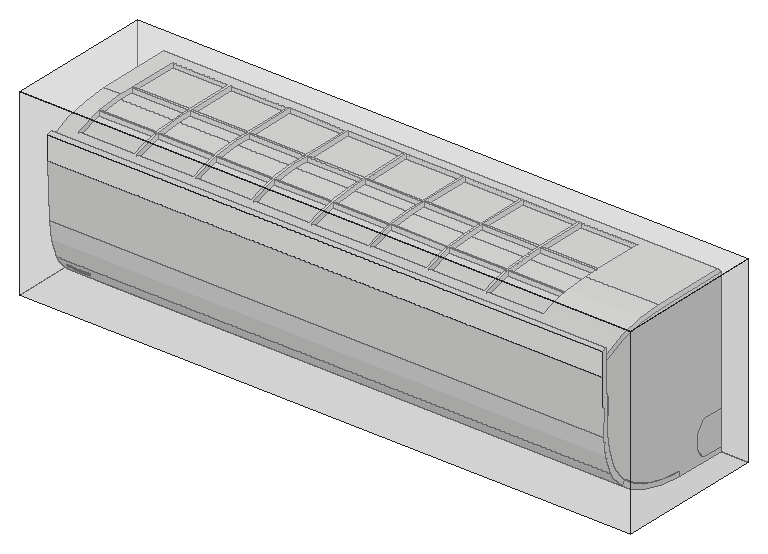
Revit family "outputfile", category 機械設備, Revit 2024
Family settings
  丸型コネクタ寸法 = 半径を使用
  パーツ タイプ = 標準
  OmniClass 番号 = 23.75.10.24.21.27.27
  OmniClass タイトル = Split System Air Conditioning Units
  作業面ベース = いいえ
  常に垂直 = はい
  ロード時にボイドで切り取り = いいえ
  注釈の向きを維持 = いいえ
  共有 = いいえ
  部屋計算ポイント = いいえ
Parameters (values of type "CTKM60RVM4")
  Description = ""
  書き出し IFC クラス(タイプ) = "IfcUnitaryEquipmentType"
  定義済み IFC タイプ(タイプ) = "AIRCONDITIONINGUNIT"
  Cost = 0
  Type Comments = ""
  Keynote = ""
  Type Image = (empty or 0)
  Assembly Code = ""
  w_wall hole = if(Width = 770.0 mm, 48.0 mm, 60.0 mm)  # 60.0 mm
  製造元 = "Daikin"
  モデル = "CTKM60RVM4"
  switch_frequency = yes
  r_Liquid Pipe Size = Liquid Pipe Size / 2  # 3.2 mm
  r_Gas Pipe Size = Gas Pipe Size / 2  # 6.35 mm
  r_Drain Pipe Size = Drain Pipe Size / 2  # 8.0 mm
  lw_powersupply [instance] = if(Width = 770.0 mm, if(or(Rear Right Connection_refrigerant, Bottom Right Connection_refrigerant), 25.0 mm, if(or(Rear Left Connection_refrigerant, Bottom Left Connection_refrigerant), 745.0 mm, 400.0 mm)), if(Width = 990.0 mm, if(or(Rear Right Connection_refrigerant, Bottom Right Connection_refrigerant), 40.0 mm, if(or(Rear Left Connection_refrigerant, Bottom Left Connection_refrigerant), 920.0 mm, 400.0 mm)), if(or(Rear Right Connection_refrigerant, Bottom Right Connection_refrigerant), 40.0 mm, if(or(Rear Left Connection_refrigerant, Bottom Left Connection_refrigerant), 920.0 mm, 400.0 mm))))  # 400.0 mm
  lw_liquidpipe [instance] = if(Width = 770.0 mm, if(or(Rear Right Connection_refrigerant, Bottom Right Connection_refrigerant), 0.0 mm, if(or(Rear Left Connection_refrigerant, Bottom Left Connection_refrigerant), 664.0 mm, 385.0 mm)), if(Width = 990.0 mm, if(or(Rear Right Connection_refrigerant, Bottom Right Connection_refrigerant), 0.0 mm, if(or(Rear Left Connection_refrigerant, Bottom Left Connection_refrigerant), 664.0 mm + (990.0 mm - 770.0 mm), 475.0 mm)), if(or(Rear Right Connection_refrigerant, Bottom Right Connection_refrigerant), 0.0 mm, if(or(Rear Left Connection_refrigerant, Bottom Left Connection_refrigerant), 664.0 mm + (990.0 mm - 770.0 mm), 475.0 mm))))  # 475.0 mm
  lw_gaspipe [instance] = if(Width = 770.0 mm, if(or(Rear Right Connection_refrigerant, Bottom Right Connection_refrigerant), 0.0 mm, if(or(Rear Left Connection_refrigerant, Bottom Left Connection_refrigerant), 675.0 mm, if(Gas Pipe Size = 12.7 mm, 335.0 mm, 335.0 mm))), if(Width = 990.0 mm, if(or(Rear Right Connection_refrigerant, Bottom Right Connection_refrigerant), 10.0 mm, if(or(Rear Left Connection_refrigerant, Bottom Left Connection_refrigerant), 890.0 mm, if(Gas Pipe Size = 15.9 mm, 400.0 mm, 400.0 mm))), if(or(Rear Right Connection_refrigerant, Bottom Right Connection_refrigerant), 10.0 mm, if(or(Rear Left Connection_refrigerant, Bottom Left Connection_refrigerant), 890.0 mm, if(Gas Pipe Size = 15.9 mm, 400.0 mm, 400.0 mm)))))  # 400.0 mm
  lw_drainpipe [instance] = if(Width = 770.0 mm, if(or(Rear Right Connection_refrigerant, Bottom Right Connection_refrigerant), 0.0 mm, if(or(Rear Left Connection_refrigerant, Bottom Left Connection_refrigerant), 770.0 mm - 48.0 mm - 48.0 mm, 440.0 mm)), if(Width = 990.0 mm, if(or(Rear Right Connection_refrigerant, Bottom Right Connection_refrigerant), 0.0 mm, if(or(Rear Left Connection_refrigerant, Bottom Left Connection_refrigerant), 675.0 mm + (990.0 mm - 770.0 mm), 435.0 mm)), if(or(Rear Right Connection_refrigerant, Bottom Right Connection_refrigerant), 0.0 mm, if(or(Rear Left Connection_refrigerant, Bottom Left Connection_refrigerant), 675.0 mm + (990.0 mm - 770.0 mm), 435.0 mm))))  # 435.0 mm
  l_powersupply_length [instance] = if(Width = 770.0 mm, if(Right Connection_refrigerant, 400.0 mm, if(Left Connection_refrigerant, 770.0 mm - 400.0 mm, if(or(Rear Left Connection_refrigerant, Rear Right Connection_refrigerant), 15.0 mm, 50.0 mm))), if(Width = 990.0 mm, if(Right Connection_refrigerant, 400.0 mm, if(Left Connection_refrigerant, 990.0 mm - 400.0 mm, if(or(Rear Left Connection_refrigerant, Rear Right Connection_refrigerant), 15.0 mm, 50.0 mm))), if(Right Connection_refrigerant, 400.0 mm, if(Left Connection_refrigerant, 990.0 mm - 400.0 mm, if(or(Rear Left Connection_refrigerant, Rear Right Connection_refrigerant), 15.0 mm, 50.0 mm)))))  # 400.0 mm
  l_liquidpipe_length [instance] = if(Width = 770.0 mm, if(Right Connection_refrigerant, 433.0 mm, if(Left Connection_refrigerant, 337.0 mm, if(or(Rear Left Connection_refrigerant, Rear Right Connection_refrigerant), 30.0 mm, 40.0 mm))), if(Width = 990.0 mm, if(Right Connection_refrigerant, 535.0 mm, if(Left Connection_refrigerant, 455.0 mm, if(or(Rear Left Connection_refrigerant, Rear Right Connection_refrigerant), 30.0 mm, 40.0 mm))), if(Right Connection_refrigerant, 535.0 mm, if(Left Connection_refrigerant, 455.0 mm, if(or(Rear Left Connection_refrigerant, Rear Right Connection_refrigerant), 30.0 mm, 40.0 mm)))))  # 535.0 mm
  l_gaspipe_length [instance] = if(Width = 770.0 mm, if(Right Connection_refrigerant, if(Gas Pipe Size = 12.7 mm, 383.0 mm, 383.0 mm), if(Left Connection_refrigerant, if(Gas Pipe Size = 12.7 mm, 770.0 mm - 383.0 mm, 770.0 mm - 383.0 mm), if(or(Rear Left Connection_refrigerant, Rear Right Connection_refrigerant), 40.0 mm, 50.0 mm))), if(Width = 990.0 mm, if(Right Connection_refrigerant, if(Gas Pipe Size = 15.9 mm, 460.0 mm, 460.0 mm), if(Left Connection_refrigerant, if(Gas Pipe Size = 15.9 mm, 990.0 mm - 460.0 mm, 990.0 mm - 460.0 mm), if(or(Rear Left Connection_refrigerant, Rear Right Connection_refrigerant), 40.0 mm, 50.0 mm))), if(Right Connection_refrigerant, if(Gas Pipe Size = 15.9 mm, 460.0 mm, 460.0 mm), if(Left Connection_refrigerant, if(Gas Pipe Size = 15.9 mm, 990.0 mm - 460.0 mm, 990.0 mm - 460.0 mm), if(or(Rear Left Connection_refrigerant, Rear Right Connection_refrigerant), 40.0 mm, 50.0 mm)))))  # 460.0 mm
  l_drainpipe_length [instance] = if(Width = 770.0 mm, if(Right Connection_refrigerant, 488.0 mm, if(Left Connection_refrigerant, 282.0 mm, if(or(Rear Left Connection_refrigerant, Rear Right Connection_refrigerant), 15.0 mm, 20.0 mm))), if(Width = 990.0 mm, if(Right Connection_refrigerant, 495.0 mm, if(Left Connection_refrigerant, 495.0 mm, if(or(Rear Left Connection_refrigerant, Rear Right Connection_refrigerant), 15.0 mm, 20.0 mm))), if(Right Connection_refrigerant, 495.0 mm, if(Left Connection_refrigerant, 495.0 mm, if(or(Rear Left Connection_refrigerant, Rear Right Connection_refrigerant), 15.0 mm, 20.0 mm)))))  # 495.0 mm
  h*** = 0.0 mm  # constant formula
  connector_voltage = Voltage_50Hz  # 230 V
  connector_powerinput = [Power Input (Cooling)]  # 0.000 kW
  connector_phase = Phase_50Hz  # 1
  angle_vertical [instance] = if(or(Bottom Left Connection_refrigerant, Bottom Right Connection_refrigerant), 0.00°, 90.00°)  # 90.00°
  angle_horizontal [instance] = if(Right Connection_refrigerant, 90.00°, if(Left Connection_refrigerant, -90.00°, if(or(Rear Left Connection_refrigerant, Rear Right Connection_refrigerant), 180.00°, 0.00°)))  # 90.00°
  Width = 990.0 mm
  Voltage_comment_50Hz = "220 - 240"
  Voltage_50Hz = 230 V
  Version = "ver.1.0"
  Unit Type = "Wall Mounted"
  Unit Mass Weight = 13.00 kg
  Unit Designation [instance] = ""
  Uniclass2015Version = "Products v1.30"
  Uniclass2015Title = "Split coil room air conditioning units"
  Uniclass2015Code = "Pr_70_65_03_86"
  URL = ""
  Total Cooling Capacity [instance] = 0.000 kW
  Sound Pressure Level_M speed (dBA) = 42
  Sound Pressure Level_L speed (dBA) = 36
  Sound Pressure Level_H speed (dBA) = 48
  Sound Power Level_H speed (dB) = 0
  Series = "Multi Split_Fan Coil Unit"
  Sensible Cooling Capacity [instance] = 0.000 kW
  Refrigerant Type = "R32"
  Power Input (Cooling) = 0.000 kW
  Phase_50Hz = 1
  Option Accessory 3 [instance] = ""
  Option Accessory 2 [instance] = ""
  Option Accessory 1 [instance] = ""
  Nominal Cooling Capacity = 6.000 kW
  Minimum Circuit Amps_50Hz = 0.0 A
  Minimum Airflow = 762.00 m³/h
  Median Airflow = 948.00 m³/h
  Maximum Fuse Amps_50Hz = 0.0 A
  Maximum Airflow = 1170.00 m³/h
  Material_Casing = DAIKIN_White_Casing_indoorunit
  Load Classification = HVAC
  Liquid Pipe Size = 6.4 mm
  Link_Nested Family [instance] = ""
  IfcVersion = ""
  IfcExportType = "AIRCONDITIONINGUNIT"
  IfcExportAs = "IfcUnitaryEquipmentType"
  Height = 295.0 mm
  Heat Exchanger Type = "Cross Fin Coil"
  Gas Pipe Size = 12.7 mm
  Frequency_50Hz = 50 Hz
  Fan Type = "Cross Flow Fan"
  Fan Drive = "Direct Drive"
  FCU Tag No. [instance] = ""
  Drain Pipe Size = 16.0 mm
  Design Supply Airflow [instance] = 0.00 m³/h
  Depth = 263.0 mm
  既定の高さ = 0.0 mm
  Cooling Entering Wet Bulb Temperature [instance] = 0.00 °C
  Cooling Entering Dry Bulb Temperature [instance] = 0.00 °C
  Cooling Ambient Wet Bulb Temperature [instance] = 0.00 °C
  Cooling Ambient Dry Bulb Temperature [instance] = 0.00 °C
  Clearance visibility [instance] = yes
  Clearance Top = 30.0 mm
  Clearance Right = 50.0 mm
  Clearance Rear = 0.0 mm
  Clearance Left = 50.0 mm
  Clearance Front = 0.0 mm
  Clearance Bottom = 0.0 mm
  Bottom Right Connection_refrigerant [instance] = no
  Bottom Left Connection_refrigerant [instance] = no
  Rear Right Connection_refrigerant [instance] = no
  Rear Left Connection_refrigerant [instance] = no
  Right Connection_refrigerant [instance] = yes
  Left Connection_refrigerant [instance] = no
Reference planes
  plane 1 "Back": y = 0
  plane 2: z = 0
  plane 3 "Center (Left/Right)": x = 0
  plane 4 "Center (Front/Back)": y = -131.5
  plane 5 "Front": y = -263
  plane 6 "Left": x = -495
  plane 7 "Right": x = 495
  plane 8 "Top": z = 0
  plane 9 "Bottom": z = -295
  plane 10: x = -545
  plane 11: x = 545
  plane 12: y = 0
  plane 13: y = -263
  plane 14: z = 30
  plane 15: z = -295
  plane 16 "lw_Piping and Wiring intake": x = 435
  plane 17 "lw_gaspipe": x = 35
  plane 18 "lw_liquidpipe": x = -40
  plane 19 "lw_drainpipe": x = 0
  plane 20 "lh_drainpipe": z = -275
  plane 21 "lh_liquidpipe": z = -255
  plane 22 "lh_gaspipe": z = -245
  plane 23 "ld_drainpipe": y = -15
  plane 24 "ld_liquidpipe": y = -30
  plane 25 "ld_gaspipe": y = -40
  plane 26 "lw_powersupply": x = 95
Dimensions and locks
  equal spacing: plane 6 "Left", plane 3 "Center (Left/Right)", plane 7 "Right"
  "Width": plane 6 "Left" to plane 7 "Right"
  equal spacing: plane 5 "Front", plane 4 "Center (Front/Back)", plane 1 "Back"
  "Depth": plane 5 "Front" to plane 1 "Back"
  "Height": plane 8 "Top" to plane 9 "Bottom"
  "Clearance Rear": plane 12 to plane 1 "Back"
  "Clearance Front": plane 13 to plane 5 "Front"
  "Clearance Top": plane 14 to plane 8 "Top"
  "Clearance Bottom": plane 9 "Bottom" to plane 15
  "w_wall hole": plane 16 "lw_Piping and Wiring intake" to plane 7 "Right"
  "lw_gaspipe": plane 17 "lw_gaspipe" to plane 16 "lw_Piping and Wiring intake"
  "lw_liquidpipe": plane 18 "lw_liquidpipe" to plane 16 "lw_Piping and Wiring intake"
  "lw_drainpipe": plane 19 "lw_drainpipe" to plane 16 "lw_Piping and Wiring intake"
  locked: plane 20 "lh_drainpipe" to plane 9 "Bottom" at 20
  locked: plane 21 "lh_liquidpipe" to plane 9 "Bottom" at 40
  locked: plane 22 "lh_gaspipe" to plane 9 "Bottom" at 50
  locked: plane 23 "ld_drainpipe" to plane 1 "Back" at 15
  locked: plane 1 "Back" to plane 24 "ld_liquidpipe" at 30
  locked: plane 1 "Back" to plane 25 "ld_gaspipe" at 40
  "lw_powersupply": plane 26 "lw_powersupply" to plane 7 "Right"
  "Clearance Left": plane 10 to plane 6 "Left"
  "Clearance Right": plane 7 "Right" to plane 11
  aligned and locked: level to plane 2
  aligned and locked: plane 12 to nested 1
  aligned and locked: nested 1 to plane 13
  aligned and locked: plane 10 to nested 1
  aligned and locked: plane 11 to nested 1
  aligned and locked: plane 15 to nested 1
  aligned and locked: plane 14 to nested 1
  aligned and locked: plane 17 "lw_gaspipe" to nested 2
  aligned and locked: nested 2 to plane 25 "ld_gaspipe"
  aligned and locked: plane 18 "lw_liquidpipe" to nested 3
  aligned and locked: nested 3 to plane 24 "ld_liquidpipe"
  aligned and locked: plane 19 "lw_drainpipe" to nested 4
  aligned and locked: nested 4 to plane 23 "ld_drainpipe"
  aligned and locked: nested 5 to plane 23 "ld_drainpipe"
  aligned and locked: plane 26 "lw_powersupply" to nested 5
  aligned and locked: level to plane 8 "Top"
  aligned and locked: plane 3 "Center (Left/Right)" to nested 6
  aligned and locked: plane 1 "Back" to nested 6
  aligned and locked: plane 8 "Top" to nested 6
Nested families
  nested 1: "daikin_clearancespace" at (0, -131.5, -132.381), show <- "Clearance visibility", visible <- "Clearance visibility", Link_Nested Family <- "Link_Nested Family", type "daikin_clearancespace"
    with width 1090.0 mm, show yes, height 325.0 mm, depth 263.0 mm, Link_Nested Family ""
  nested 2: "daikin_connector_rotate3" at (35, -40, -245), angle_vertical <- "angle_vertical", angle_horizontal <- "angle_horizontal", length <- "l_gaspipe_length", radius <- "r_Gas Pipe Size", type "daikin_connector_rotate3"
    with show no, radius 6.35 mm, length 460.0 mm, angle_vertical 90.00°, angle_horizontal 90.00°
  nested 3: "daikin_connector_rotate3" at (-40, -30, -255), angle_vertical <- "angle_vertical", angle_horizontal <- "angle_horizontal", radius <- "r_Liquid Pipe Size", length <- "l_liquidpipe_length", type "daikin_connector_rotate3"
    with show no, radius 3.2 mm, length 535.0 mm, angle_vertical 90.00°, angle_horizontal 90.00°
  nested 4: "daikin_connector_rotate3" at (0, -15, -275), angle_vertical <- "angle_vertical", angle_horizontal <- "angle_horizontal", length <- "l_drainpipe_length", radius <- "r_Drain Pipe Size", type "daikin_connector_rotate3"
    with show no, radius 8.0 mm, length 495.0 mm, angle_vertical 90.00°, angle_horizontal 90.00°
  nested 5: "daikin_connector_rotate3" at (95, -15, -245), angle_vertical <- "angle_vertical", angle_horizontal <- "angle_horizontal", length <- "l_powersupply_length", type "daikin_connector_rotate3"
    with show no, radius 10.0 mm, length 400.0 mm, angle_vertical 90.00°, angle_horizontal 90.00°
  nested 6: "DAIKIN_indoorunit_CTKM-RVM4" at (-31, 0, 0), type "CTKM-RVM4"
    with switch_unit1_50-60 yes, switch_unit1_25-35 no, Width 990.0 mm, WALL HOLE-R 60.0 mm, WALL HOLE Size 80.0 mm, Height 295.0 mm
Connectors
  piping at (495, -40, -245), diameter 12.7, driven by "r_Gas Pipe Size"
    settings: on nested 2, index 1, connector inside diameter 609.6 mm, connector length 0.0 mm, flow factor 0, pipe flow 0.00 m³/h, pressure drop 0.0 Pa, fitting loss kfactor 0, connector angle 0.00°, fixture units 0, engagement length 0.0 mm, angle of deflection 0.00°, flow configuration 1, flow direction 2, fitting loss method 0, system type 29, joint type 0, gender type 0, connector reference index -1, connector utility 0, adjustable connector no, is connector primary yes, connector description "Refrigerant Gas Piping"
  piping at (495, -30, -255), diameter 6.4, driven by "r_Liquid Pipe Size"
    settings: on nested 3, index 2, connector inside diameter 609.6 mm, connector length 0.0 mm, flow factor 0, pipe flow 0.00 m³/h, pressure drop 0.0 Pa, fitting loss kfactor 0, connector angle 0.00°, fixture units 0, engagement length 0.0 mm, angle of deflection 0.00°, flow configuration 1, flow direction 1, fitting loss method 0, system type 29, joint type 0, gender type 0, connector reference index -1, connector utility 0, adjustable connector no, is connector primary no, connector description "Refrigerant Liquid Piping"
  piping at (495, -15, -275), diameter 16, driven by "r_Drain Pipe Size"
    settings: on nested 4, index 3, connector inside diameter 609.6 mm, connector length 0.0 mm, flow factor 0, pipe flow 0.00 m³/h, pressure drop 0.0 Pa, fitting loss kfactor 0, connector angle 0.00°, fixture units 0, engagement length 0.0 mm, angle of deflection 0.00°, flow configuration 1, flow direction 2, fitting loss method 4, system type 16, joint type 0, gender type 0, connector reference index -1, connector utility 0, adjustable connector no, is connector primary no, connector description "Condensate Drain Piping"
  electrical at (495, -15, -245), driven by "Load Classification", driven by "connector_powerinput", driven by "connector_phase", driven by "connector_voltage"
    settings: on nested 5, index 4, voltage 230 V, apparent load 0 VA, apparent load phase1 0 VA, apparent load phase2 0 VA, apparent load phase3 0 VA, power factor 1, load classification "HVAC", number of poles 1, system type 30, power factor state 1, is connector primary yes, connector utility no, sub classification motor no, connector description "Power Supply"
Definition of nested family "daikin_clearancespace"
  Parameters (values of type "daikin_clearancespace")
    Description = "daikin_clearancespace"
    width [instance] = 1823.963 mm
    show [instance] = yes
    material = none
    height [instance] = 1359.762 mm
    depth [instance] = 880.0 mm
    Default Elevation = 0.0 mm
    Link_Nested Family [instance] = ""
  Reference planes
    plane 1 "Center (Front/Back)": y = 0
    plane 2 "Center (Elevation)": z = -0.119
    plane 3 "Center (Left/Right)": x = 0
    plane 4: y = 440
    plane 5: y = -440
    plane 6 "Right": x = 911.982
    plane 7 "Left": x = -911.982
    plane 8 "Top": z = 679.762
    plane 9 "Bottom": z = -680
  Forms (mm)
    Extrusion 1, solid, material <- "material", visible <- "show"
      sketch origin (0, 0, 0) x (1, 0, 0) y (0, 1, 0)
        loop
          line (-911.982, 440) -> (-911.982, -440) -> (911.982, -440) -> (911.982, 440) -> (-911.982, 440)
      from -680 to 679.762
  Lines and regions (mm)
    symbolic lines, visible <- "show"
      curve 1: line (911.982, 440, 0) -> (-911.982, 440, 0)
      curve 2: line (-911.982, 440, 0) -> (-911.982, -440, 0)
      curve 3: line (-911.982, -440, 0) -> (911.982, -440, 0)
      curve 4: line (911.982, -440, 0) -> (911.982, 440, 0)
      curve 5: line (911.982, 0, 679.762) -> (-911.982, 0, 679.762)
      curve 6: line (911.982, 0, -680) -> (911.982, 0, 679.762)
      curve 7: line (-911.982, 0, -680) -> (911.982, 0, -680)
      curve 8: line (-911.982, 0, 679.762) -> (-911.982, 0, -680)
      curve 9: line (0, 440, 679.762) -> (0, -440, 679.762)
      curve 10: line (0, -440, 679.762) -> (0, -440, -680)
      curve 11: line (0, 440, -680) -> (0, 440, 679.762)
      curve 12: line (0, -440, -680) -> (0, 440, -680)
  Dimensions and locks
    "width": plane 7 "Left" to plane 6 "Right"
    "depth": plane 4 to plane 5
    "height": plane 8 "Top" to plane 9 "Bottom"
    equal spacing: plane 7 "Left", plane 3 "Center (Left/Right)", plane 6 "Right"
    equal spacing: plane 4, plane 1 "Center (Front/Back)", plane 5
    equal spacing: plane 8 "Top", plane 2 "Center (Elevation)", plane 9 "Bottom"
    aligned and locked: level to plane 2 "Center (Elevation)"
    aligned and locked: Extrusion 1 sketch curve to plane 4
    aligned and locked: plane 7 "Left" to Extrusion 1 sketch curve
    aligned and locked: Extrusion 1 sketch curve to plane 5
    aligned and locked: Extrusion 1 sketch curve to plane 6 "Right"
    aligned and locked: plane 8 "Top" to Extrusion 1
    aligned and locked: curve 1 to Extrusion 1
    aligned and locked: curve 2 to Extrusion 1
    aligned and locked: curve 3 to Extrusion 1
    aligned and locked: curve 4 to Extrusion 1
    aligned and locked: curve 5 to Extrusion 1
    aligned and locked: curve 6 to Extrusion 1
    aligned and locked: curve 7 to Extrusion 1
    aligned and locked: curve 8 to Extrusion 1
    aligned and locked: curve 9 to Extrusion 1
    aligned and locked: curve 10 to Extrusion 1
    aligned and locked: curve 11 to Extrusion 1
    aligned and locked: curve 12 to Extrusion 1
    aligned and locked: Extrusion 1 to plane 9 "Bottom"
Definition of nested family "DAIKIN_indoorunit_CTKM-RVM4"
  Parameters (values of type "CTKM-RVM4")
    switch_unit1_50-60 = Width = 990.0 mm  # no
    switch_unit1_25-35 = Width = 770.0 mm  # yes
    Width = 770.0 mm
    WALL HOLE-R = if(Width = 770.0 mm, 48.0 mm, 60.0 mm)  # 48.0 mm
    WALL HOLE Size = if(Width = 770.0 mm, 65.0 mm, 80.0 mm)  # 65.0 mm
    Material_Casing = none
    Height = if(Width = 770.0 mm, 285.0 mm, 295.0 mm)  # 285.0 mm
    Default Elevation = 0.0 mm
  Reference planes
    plane 1 "Center (Front/Back)": y = 0
    plane 2 "reference_level": z = 0
    plane 3 "Center (Left/Right)": x = 31
    plane 4: x = -354
    plane 5: x = 416
    plane 6: z = -285
  Forms (mm)
    Extrusion 1, solid, material <- "Material_Casing", visible <- "switch_unit1_25-35"
      sketch origin (29, 0, 0) x (0, 1, 0) y (0, 0, 1)
        loop
          line (-5, 0) -> (-98, 0)
          arc (-98, 0) -> (-157.611, -7.211) -> (-213.783, -28.427) r 250
          arc (-213.783, -28.427) -> (-213.842, -32.972) -> (-213.892, -37.516) r 2191
          arc (-213.892, -37.516) -> (-157.832, -15.495) -> (-98.07, -8) r 242
          line (-98.07, -8) -> (0, -8) -> (-5, 0)
      from -383 to 387
    Extrusion 2, solid, material <- "Material_Casing", visible <- "switch_unit1_25-35"
      sketch origin (416, 1296.25, 1200) x (0, 1, 0) y (0, 0, 1)
        loop
          line (-1472.998, -1446.91) -> (-1476.998, -1453.839)
          arc (-1476.998, -1453.839) -> (-1437.481, -1472.422) -> (-1395.25, -1483.538) r 240
          line (-1395.25, -1483.538) -> (-1395.25, -1475.422)
          arc (-1395.25, -1475.422) -> (-1435.407, -1464.663) -> (-1472.998, -1446.91) r 232
      from 0 to -47.5
    Extrusion 3, solid, material <- "Material_Casing", visible <- "switch_unit1_25-35"
      sketch origin (29, 0, 0) x (0, 1, 0) y (0, 0, 1)
        loop
          arc (-223, -60.455) -> (-222.414, -110.646) -> (-220.656, -160.81) r 2149.92
          arc (-220.656, -160.81) -> (-219.65, -174.299) -> (-217.853, -187.706) r 229.911
          arc (-217.853, -187.706) -> (-205.371, -223.594) -> (-181.517, -253.17) r 111
          line (-181.517, -253.17) -> (-177.429, -246.093)
          arc (-177.429, -246.093) -> (-198.77, -218.989) -> (-209.965, -186.36) r 103
          arc (-209.965, -186.36) -> (-211.681, -173.586) -> (-212.651, -160.735) r 221.844
          arc (-212.651, -160.735) -> (-214.739, -93.233) -> (-214.74, -25.699) r 2186.828
          arc (-214.74, -25.699) -> (-214.671, -21.467) -> (-214.594, -17.235) r 2192
          line (-214.594, -17.235) -> (-223, -19.961) -> (-223, -60.455)
      from -383 to 387
    Extrusion 4, solid, material <- "Material_Casing", visible <- "switch_unit1_25-35"
      sketch origin (29, 0, -20) x (0, 1, 0) y (0, 0, 1)
        loop
          line (0, -265) -> (0, 12) -> (-98.07, 12)
          arc (-98.07, 12) -> (-157.832, 4.505) -> (-213.892, -17.516) r 242
          arc (-213.892, -17.516) -> (-213.638, -79.114) -> (-211.653, -140.681) r 2191
          arc (-211.653, -140.681) -> (-210.685, -153.501) -> (-208.973, -166.243) r 221
          arc (-208.973, -166.243) -> (-197.471, -199.282) -> (-175.482, -226.491) r 102
          arc (-175.482, -226.491) -> (-138.004, -244.019) -> (-98, -254.579) r 231
          line (-98, -254.579) -> (-98, -265) -> (0, -265)
      from -383 to 387
    Extrusion 5, solid, material <- "Material_Casing", visible <- "switch_unit1_25-35"
      sketch origin (-354, 1296.25, 1200) x (0, 1, 0) y (0, 0, 1)
        loop
          line (-1472.998, -1446.91) -> (-1476.998, -1453.839)
          arc (-1476.998, -1453.839) -> (-1437.481, -1472.422) -> (-1395.25, -1483.538) r 240
          line (-1395.25, -1483.538) -> (-1395.25, -1475.422)
          arc (-1395.25, -1475.422) -> (-1435.407, -1464.663) -> (-1472.998, -1446.91) r 232
      from 47 to 0
    Extrusion 6, solid, material <- "Material_Casing", visible <- "switch_unit1_25-35"
      sketch origin (416, 1296.25, 1200) x (0, 1, 0) y (0, 0, 1)
        loop
          line (-1472.998, -1446.91) -> (-1476.998, -1453.839)
          arc (-1476.998, -1453.839) -> (-1443.437, -1470.168) -> (-1407.75, -1481.097) r 240
          line (-1407.75, -1481.097) -> (-1407.75, -1472.894)
          arc (-1407.75, -1472.894) -> (-1441.363, -1462.385) -> (-1472.998, -1446.91) r 232
      from -116.993 to -48.493
    Extrusion 7, solid, material <- "Material_Casing", visible <- "switch_unit1_25-35"
      sketch origin (416, 1296.25, 1200) x (0, 1, 0) y (0, 0, 1)
        loop
          line (-1472.998, -1446.91) -> (-1476.998, -1453.839)
          arc (-1476.998, -1453.839) -> (-1443.437, -1470.168) -> (-1407.75, -1481.097) r 240
          line (-1407.75, -1481.097) -> (-1407.75, -1472.894)
          arc (-1407.75, -1472.894) -> (-1441.363, -1462.385) -> (-1472.998, -1446.91) r 232
      from -717 to -121.993
    Extrusion 8, void
      sketch origin (31, 0, -235) x (1, 0, 0) y (0, 1, 0)
        loop
          line (-252.674, -22.316) -> (-354.941, -22.316) -> (-354.941, -91.341) -> (-252.674, -91.341) -> (-252.674, -22.316)
        loop
          line (-249.341, -91.341) -> (-151.574, -91.341) -> (-151.574, -22.316) -> (-249.341, -22.316) -> (-249.341, -91.341)
        loop
          line (58.309, -22.316) -> (-148.309, -22.316) -> (-148.309, -91.341) -> (58.309, -91.341) -> (58.309, -22.316)
        loop
          line (61.689, -22.316) -> (61.689, -91.341) -> (159.457, -91.341) -> (159.457, -22.316) -> (61.689, -22.316)
        loop
          line (162.789, -22.316) -> (162.789, -91.341) -> (265.057, -91.341) -> (265.057, -22.316) -> (162.789, -22.316)
        loop
          line (-354.941, -94.659) -> (-354.941, -165.259) -> (-252.674, -165.259) -> (-252.674, -94.659) -> (-354.941, -94.659)
        loop
          line (-249.341, -94.659) -> (-249.341, -165.259) -> (-151.574, -165.259) -> (-151.574, -94.659) -> (-249.341, -94.659)
        loop
          line (-148.309, -94.659) -> (-148.309, -165.259) -> (58.309, -165.259) -> (58.309, -94.659) -> (-148.309, -94.659)
        loop
          line (61.689, -94.659) -> (61.689, -165.259) -> (159.457, -165.259) -> (159.457, -94.659) -> (61.689, -94.659)
        loop
          line (162.789, -94.659) -> (162.789, -165.259) -> (265.057, -165.259) -> (265.057, -94.659) -> (162.789, -94.659)
        loop
          line (-354.941, -167.382) -> (-354.941, -192.681) -> (-252.674, -192.681) -> (-252.674, -167.382) -> (-354.941, -167.382)
        loop
          line (-249.341, -167.382) -> (-249.341, -192.681) -> (-151.574, -192.681) -> (-151.574, -167.382) -> (-249.341, -167.382)
        loop
          line (-148.309, -167.382) -> (-148.309, -192.681) -> (58.309, -192.681) -> (58.309, -167.382) -> (-148.309, -167.382)
        loop
          line (159.457, -167.382) -> (61.689, -167.382) -> (61.689, -192.681) -> (159.457, -192.681) -> (159.457, -167.382)
        loop
          line (265.057, -167.382) -> (162.789, -167.382) -> (162.789, -192.681) -> (265.057, -192.681) -> (265.057, -167.382)
      from 201.638 to 250
    Extrusion 9, solid, material <- "Material_Casing"
      sketch origin (31, 0, 0) x (1, 0, 0) y (0, 0, 1)
        loop
          circle (337, -240.5) r 32.5
        loop
          circle (-337, -240.5) r 32.5
      from 0 to 5
    Extrusion 10, solid, material <- "Material_Casing", visible <- "switch_unit1_25-35"
      sketch origin (416, 1296.25, 1200) x (0, -1, 0) y (0, 0, 1)
        loop
          line (1326.25, -1417) -> (1296.25, -1417) -> (1296.25, -1477) -> (1326.25, -1477)
          arc (1326.25, -1477) -> (1340.393, -1471.142) -> (1346.25, -1457) r 20
          line (1346.25, -1457) -> (1346.25, -1437)
          arc (1346.25, -1437) -> (1340.393, -1422.858) -> (1326.25, -1417) r 20
      from 0 to 5
    Extrusion 11, solid, material <- "Material_Casing", visible <- "switch_unit1_25-35"
      sketch origin (-354, 1296.25, 1200) x (0, 1, 0) y (0, 0, 1)
        loop
          line (-1296.25, -1417) -> (-1326.25, -1417)
          arc (-1326.25, -1417) -> (-1340.393, -1422.858) -> (-1346.25, -1437) r 20
          line (-1346.25, -1437) -> (-1346.25, -1457)
          arc (-1346.25, -1457) -> (-1340.393, -1471.142) -> (-1326.25, -1477) r 20
          line (-1326.25, -1477) -> (-1296.25, -1477) -> (-1296.25, -1417)
      from 0 to 5
    Extrusion 12, solid, material <- "Material_Casing", visible <- "switch_unit1_25-35"
      sketch origin (31, 0, -285) x (-1, 0, 0) y (0, -1, 0)
        loop
          line (-314, 0) -> (-314, 30)
          arc (-314, 30) -> (-319.858, 44.142) -> (-334, 50) r 20
          line (-334, 50) -> (-354, 50)
          arc (-354, 50) -> (-368.142, 44.142) -> (-374, 30) r 20
          line (-374, 30) -> (-374, 0) -> (-314, 0)
        loop
          line (374, 0) -> (374, 30)
          arc (374, 30) -> (368.142, 44.142) -> (354, 50) r 20
          line (354, 50) -> (334, 50)
          arc (334, 50) -> (319.858, 44.142) -> (314, 30) r 20
          line (314, 30) -> (314, 0) -> (374, 0)
      from 0 to 5
    Extrusion 13, solid, material <- "Material_Casing", visible <- "switch_unit1_50-60"
      sketch origin (31, 0, 0) x (0, 1, 0) y (0, 0, 1)
        loop
          line (-5, 0) -> (-138, 0)
          arc (-138, 0) -> (-197.611, -7.211) -> (-253.783, -28.427) r 250
          arc (-253.783, -28.427) -> (-253.838, -32.687) -> (-253.886, -36.946) r 2191
          arc (-253.886, -36.946) -> (-197.73, -15.346) -> (-138.014, -8) r 246.393
          line (-138.014, -8) -> (0, -8) -> (-5, 0)
      from -495 to 495
    Extrusion 14, solid, material <- "Material_Casing", visible <- "switch_unit1_50-60"
      sketch origin (418, 1296.25, 1200) x (0, 1, 0) y (0, 0, 1)
        loop
          arc (-1515.208, -1454.149) -> (-1506.856, -1460.599) -> (-1497.925, -1466.219) r 110
          arc (-1497.925, -1466.219) -> (-1445.718, -1487.493) -> (-1389.844, -1494.995) r 223
          line (-1389.844, -1494.995) -> (-1389.844, -1486.086) -> (-1404.386, -1486.086)
          arc (-1404.386, -1486.086) -> (-1449.542, -1477.46) -> (-1491.818, -1459.402) r 214.289
          arc (-1491.818, -1459.402) -> (-1501.056, -1453.541) -> (-1509.606, -1446.715) r 101
          line (-1509.606, -1446.715) -> (-1515.208, -1454.149)
      from 108 to 57.5
    Extrusion 15, solid, material <- "Material_Casing", visible <- "switch_unit1_50-60"
      sketch origin (31, 0, 0) x (0, 1, 0) y (0, 0, 1)
        loop
          line (-263, -19.962) -> (-263, -61.6)
          arc (-263, -61.6) -> (-262.414, -110.219) -> (-260.656, -158.81) r 2017.341
          arc (-260.656, -158.81) -> (-255.648, -191.935) -> (-244.041, -223.362) r 164.725
          arc (-244.041, -223.362) -> (-233.569, -239.793) -> (-219.717, -253.495) r 87.379
          line (-219.717, -253.495) -> (-214.706, -246.846)
          arc (-214.706, -246.846) -> (-229.564, -230.029) -> (-240.385, -210.371) r 102
          arc (-240.385, -210.371) -> (-249.049, -182.962) -> (-252.848, -154.467) r 165.789
          arc (-252.848, -154.467) -> (-254.771, -90.102) -> (-254.74, -25.708) r 2122.533
          arc (-254.74, -25.708) -> (-254.671, -21.469) -> (-254.594, -17.23) r 2192
          line (-254.594, -17.23) -> (-263, -19.962)
      from -495 to 495
    Extrusion 16, void
      sketch origin (33, 0, 0) x (1, 0, 0) y (0, 1, 0)
        loop
          line (-466.909, -22.316) -> (-466.909, -111.341) -> (-366.303, -111.341) -> (-366.303, -22.316) -> (-466.909, -22.316)
        loop
          line (-362.71, -22.316) -> (-362.71, -111.341) -> (-262.103, -111.341) -> (-262.103, -22.316) -> (-362.71, -22.316)
        loop
          line (-258.51, -22.316) -> (-258.51, -111.341) -> (-157.904, -111.341) -> (-157.904, -22.316) -> (-258.51, -22.316)
        loop
          line (-154.31, -22.316) -> (-154.31, -111.341) -> (-53.704, -111.341) -> (-53.704, -22.316) -> (-154.31, -22.316)
        loop
          line (-50.11, -22.316) -> (-50.11, -111.341) -> (50.496, -111.341) -> (50.496, -22.316) -> (-50.11, -22.316)
        loop
          line (54.089, -22.316) -> (54.089, -111.341) -> (154.696, -111.341) -> (154.696, -22.316) -> (54.089, -22.316)
        loop
          line (158.289, -22.316) -> (158.289, -111.341) -> (258.895, -111.341) -> (258.895, -22.316) -> (158.289, -22.316)
        loop
          line (262.489, -22.316) -> (262.489, -111.341) -> (363.095, -111.341) -> (363.095, -22.316) -> (262.489, -22.316)
        loop
          line (-466.909, -114.459) -> (-466.909, -185.059) -> (-366.303, -185.059) -> (-366.303, -114.459) -> (-466.909, -114.459)
        loop
          line (-362.71, -114.459) -> (-362.71, -185.059) -> (-262.103, -185.059) -> (-262.103, -114.459) -> (-362.71, -114.459)
        loop
          line (-258.51, -114.459) -> (-258.51, -185.059) -> (-157.904, -185.059) -> (-157.904, -114.459) -> (-258.51, -114.459)
        loop
          line (-154.31, -114.459) -> (-154.31, -185.059) -> (-53.704, -185.059) -> (-53.704, -114.459) -> (-154.31, -114.459)
        loop
          line (-50.11, -114.459) -> (-50.11, -185.059) -> (50.496, -185.059) -> (50.496, -114.459) -> (-50.11, -114.459)
        loop
          line (54.089, -114.459) -> (54.089, -185.059) -> (154.696, -185.059) -> (154.696, -114.459) -> (54.089, -114.459)
        loop
          line (158.289, -114.459) -> (158.289, -185.059) -> (258.895, -185.059) -> (258.895, -114.459) -> (158.289, -114.459)
        loop
          line (262.489, -114.459) -> (262.489, -185.059) -> (363.095, -185.059) -> (363.095, -114.459) -> (262.489, -114.459)
        loop
          line (-466.909, -187.382) -> (-466.909, -232.681) -> (-366.303, -232.681) -> (-366.303, -187.382) -> (-466.909, -187.382)
        loop
          line (-362.71, -187.382) -> (-362.71, -232.681) -> (-262.103, -232.681) -> (-262.103, -187.382) -> (-362.71, -187.382)
        loop
          line (-258.51, -187.382) -> (-258.51, -232.681) -> (-157.904, -232.681) -> (-157.904, -187.382) -> (-258.51, -187.382)
        loop
          line (-154.31, -187.382) -> (-154.31, -232.681) -> (-53.704, -232.681) -> (-53.704, -187.382) -> (-154.31, -187.382)
        loop
          line (-50.11, -187.382) -> (-50.11, -232.681) -> (50.496, -232.681) -> (50.496, -187.382) -> (-50.11, -187.382)
        loop
          line (54.089, -187.382) -> (54.089, -232.681) -> (154.696, -232.681) -> (154.696, -187.382) -> (54.089, -187.382)
        loop
          line (158.289, -187.382) -> (158.289, -232.681) -> (258.895, -232.681) -> (258.895, -187.382) -> (158.289, -187.382)
        loop
          line (262.489, -187.382) -> (262.489, -232.681) -> (363.095, -232.681) -> (363.095, -187.382) -> (262.489, -187.382)
      from -40.013 to 47.268
    Extrusion 17, solid, material <- "Material_Casing", visible <- "switch_unit1_50-60"
      sketch origin (-356, 1296.25, 1200) x (0, 1, 0) y (0, 0, -1)
        loop
          line (-1515.208, 1454.149) -> (-1509.606, 1446.715)
          arc (-1509.606, 1446.715) -> (-1501.056, 1453.541) -> (-1491.818, 1459.402) r 101
          arc (-1491.818, 1459.402) -> (-1449.542, 1477.46) -> (-1404.386, 1486.086) r 214.289
          line (-1404.386, 1486.086) -> (-1389.844, 1486.086) -> (-1389.844, 1494.995)
          arc (-1389.844, 1494.995) -> (-1445.718, 1487.493) -> (-1497.925, 1466.219) r 223
          arc (-1497.925, 1466.219) -> (-1506.856, 1460.599) -> (-1515.208, 1454.149) r 110
      from 108 to 61
    Extrusion 18, solid, material <- "Material_Casing", visible <- "switch_unit1_50-60"
      sketch origin (418, 1296.25, 1200) x (0, 1, 0) y (0, 0, 1)
        loop
          arc (-1515.208, -1454.149) -> (-1506.856, -1460.599) -> (-1497.925, -1466.219) r 110
          arc (-1497.925, -1466.219) -> (-1463.185, -1482.066) -> (-1426.25, -1491.755) r 223
          line (-1426.25, -1491.755) -> (-1426.25, -1483.166)
          arc (-1426.25, -1483.166) -> (-1460.008, -1473.969) -> (-1491.818, -1459.402) r 214.289
          arc (-1491.818, -1459.402) -> (-1501.056, -1453.541) -> (-1509.606, -1446.715) r 101
          line (-1509.606, -1446.715) -> (-1515.208, -1454.149)
      from 56.5 to -36.993
    Extrusion 19, solid, material <- "Material_Casing", visible <- "switch_unit1_50-60"
      sketch origin (418, 1296.25, 1200) x (0, 1, 0) y (0, 0, 1)
        loop
          arc (-1426.25, -1483.166) -> (-1443.442, -1479.224) -> (-1460.25, -1473.881) r 214.289
          line (-1460.25, -1473.881) -> (-1460.25, -1483.089)
          arc (-1460.25, -1483.089) -> (-1443.421, -1488.091) -> (-1426.25, -1491.755) r 223
          line (-1426.25, -1491.755) -> (-1426.25, -1483.166)
      from -43.493 to -828.893
    Extrusion 20, solid, material <- "Material_Casing", visible <- "switch_unit1_50-60"
      sketch origin (418, 1296.25, 1200) x (0, 1, 0) y (0, 0, 1)
        loop
          arc (-1515.208, -1454.149) -> (-1506.856, -1460.599) -> (-1497.925, -1466.219) r 110
          arc (-1497.925, -1466.219) -> (-1479.479, -1475.527) -> (-1460.25, -1483.089) r 223
          line (-1460.25, -1483.089) -> (-1460.25, -1473.881)
          arc (-1460.25, -1473.881) -> (-1476.328, -1467.282) -> (-1491.818, -1459.402) r 214.289
          arc (-1491.818, -1459.402) -> (-1501.056, -1453.541) -> (-1509.606, -1446.715) r 101
          line (-1509.606, -1446.715) -> (-1515.208, -1454.149)
      from -43.493 to -828.893
    Extrusion 21, solid, material <- "Material_Casing", visible <- "switch_unit1_50-60"
      sketch origin (31, 0, -30) x (0, 1, 0) y (0, 0, 1)
        loop
          line (0, 22) -> (-138.014, 22)
          arc (-138.014, 22) -> (-197.73, 14.654) -> (-253.886, -6.946) r 246.393
          arc (-253.886, -6.946) -> (-253.682, -65.635) -> (-251.855, -124.295) r 2120.935
          arc (-251.855, -124.295) -> (-248.086, -152.682) -> (-239.461, -179.988) r 164.789
          arc (-239.461, -179.988) -> (-228.903, -199.231) -> (-214.437, -215.738) r 101
          line (-214.437, -215.738) -> (-212.406, -216.221)
          arc (-212.406, -216.221) -> (-204.07, -222.837) -> (-195.079, -228.53) r 100
          arc (-195.079, -228.53) -> (-145.557, -248.629) -> (-92.593, -255.785) r 213.289
          line (-92.593, -255.785) -> (-92.593, -265) -> (0, -265) -> (0, 22)
      from -495 to 495
    Extrusion 22, solid, material <- "Material_Casing", visible <- "switch_unit1_50-60"
      sketch origin (526, 1296.25, 1200) x (0, -1, 0) y (0, 0, 1)
        loop
          line (1326.25, -1427.035) -> (1296.25, -1427.035) -> (1296.25, -1487.035) -> (1326.25, -1487.035)
          arc (1326.25, -1487.035) -> (1340.393, -1481.177) -> (1346.25, -1467.035) r 20
          line (1346.25, -1467.035) -> (1346.25, -1447.035)
          arc (1346.25, -1447.035) -> (1340.393, -1432.892) -> (1326.25, -1427.035) r 20
      from 0 to 5
    Extrusion 23, solid, material <- "Material_Casing", visible <- "switch_unit1_50-60"
      sketch origin (-459, 1296.25, 1200) x (0, -1, 0) y (0, 0, 1)
        loop
          line (1326.25, -1427.035) -> (1296.25, -1427.035) -> (1296.25, -1487.035) -> (1326.25, -1487.035)
          arc (1326.25, -1487.035) -> (1340.393, -1481.177) -> (1346.25, -1467.035) r 20
          line (1346.25, -1467.035) -> (1346.25, -1447.035)
          arc (1346.25, -1447.035) -> (1340.393, -1432.892) -> (1326.25, -1427.035) r 20
      from 0 to 5
    Extrusion 24, solid, material <- "Material_Casing", visible <- "switch_unit1_50-60"
      sketch origin (31, 200, -295) x (-1, 0, 0) y (0, -1, 0)
        loop
          line (469, 200) -> (469, 230)
          arc (469, 230) -> (463.142, 244.142) -> (449, 250) r 20
          line (449, 250) -> (429, 250)
          arc (429, 250) -> (414.858, 244.142) -> (409, 230) r 20
          line (409, 230) -> (409, 200) -> (469, 200)
        loop
          line (-469, 200) -> (-409, 200) -> (-409, 230)
          arc (-409, 230) -> (-414.858, 244.142) -> (-429, 250) r 20
          line (-429, 250) -> (-449, 250)
          arc (-449, 250) -> (-463.142, 244.142) -> (-469, 230) r 20
          line (-469, 230) -> (-469, 200)
      from 0 to 5
  Cuts and joins
    Extrusion 8 cuts Extrusion 1
    Extrusion 16 cuts Extrusion 13
  Lines and regions (mm)
    reference lines
      curve 1: line (-523, -201.911, -229.404) -> (-523, -193.542, -239.977)
      curve 2: line (-523, -240.779, -229.404) -> (-523, -232.411, -239.977)
  Dimensions and locks
    locked: Extrusion 10 sketch curve to Extrusion 10 sketch curve at 60
    locked: Extrusion 10 sketch curve to Extrusion 10 sketch curve at 50
    locked: Extrusion 12 sketch curve to Extrusion 12 sketch curve at 60  (x2)
    locked: Extrusion 12 sketch curve to Extrusion 12 sketch curve at 50
    equal spacing: plane 5, plane 3 "Center (Left/Right)", plane 4
    "Width": plane 5 to plane 4
    locked: Extrusion 9 sketch curve to plane 4 at 48
    "WALL HOLE-R": plane 5 to Extrusion 9 sketch curve
    "Height": plane 2 "reference_level" to plane 6
    locked: Extrusion 9 sketch curve to plane 6 at 44.5  (x2)
    locked: Extrusion 15 to nested 2 at 15
    locked: Extrusion 22 sketch curve to Extrusion 22 sketch curve at 60
    locked: Extrusion 22 sketch curve to Extrusion 22 sketch curve at 50
    locked: Extrusion 23 sketch curve to Extrusion 23 sketch curve at 60
    locked: Extrusion 23 sketch curve to Extrusion 23 sketch curve at 50
    locked: Extrusion 24 sketch curve to Extrusion 24 sketch curve at 60  (x2)
    locked: Extrusion 24 sketch curve to Extrusion 24 sketch curve at 50  (x2)
    "WALL HOLE Size": diameter of Extrusion 9 sketch curve  (x2)
    aligned and locked: level to plane 2 "reference_level"
    aligned and locked: nested 1 to curve 1
    aligned and locked: Extrusion 11 sketch curve to Extrusion 10  (x4)
    aligned and locked: Extrusion 12 sketch curve to Extrusion 12 sketch curve  (x2)
    aligned and locked: Extrusion 9 to plane 1 "Center (Front/Back)"
    aligned and locked: nested 2 to curve 2
  Automatic sketch dimensions
    curve 1 to level = 239.977 mm
    plane 1 "Center (Front/Back)" to curve 1 = 193.542 mm
    curve 2 to curve 1 = 0.0 mm
    curve 2 to curve 2 = 10.573 mm
    curve 1 to curve 1 = 10.573 mm
    curve 1 to curve 1 = 8.368 mm
    curve 1 to curve 2 = 30.5 mm
    curve 2 to curve 2 = 8.368 mm
    Extrusion 1 sketch curve to level = 0.0 mm
    Extrusion 1 sketch curve to plane 1 "Center (Front/Back)" = 0.0 mm
    plane 1 "Center (Front/Back)" to Extrusion 1 sketch curve = 5.0 mm
    plane 1 "Center (Front/Back)" to Extrusion 1 sketch curve = 98.0 mm
    Extrusion 1 sketch curve to Extrusion 1 sketch curve = 0.07 mm
    Extrusion 1 sketch curve to level = 59.292 mm
    Extrusion 1 sketch curve to plane 1 "Center (Front/Back)" = 1977.0 mm
    Extrusion 1 sketch curve to level = 250.0 mm
    Extrusion 1 sketch curve to Extrusion 1 sketch curve = 0.0 mm
    Extrusion 1 sketch curve to level = 8.0 mm
    Extrusion 1 sketch curve to level = 28.427 mm
    plane 1 "Center (Front/Back)" to Extrusion 2 sketch curve = 180.748 mm
    Extrusion 2 sketch curve to Extrusion 2 sketch curve = 4.0 mm
    Extrusion 2 sketch curve to Extrusion 2 sketch curve = 77.747 mm
    plane 1 "Center (Front/Back)" to Extrusion 2 sketch curve = 59.279 mm
    Extrusion 2 sketch curve to Extrusion 2 sketch curve = 0.0 mm
    Extrusion 2 sketch curve to level = 283.538 mm
    Extrusion 2 sketch curve to Extrusion 2 sketch curve = 8.116 mm
    Extrusion 2 sketch curve to Extrusion 2 sketch curve = 21.583 mm
    Extrusion 2 sketch curve to Extrusion 2 sketch curve = 6.929 mm
    Extrusion 3 sketch curve to level = 19.961 mm
    plane 1 "Center (Front/Back)" to Extrusion 3 sketch curve = 223.0 mm
    Extrusion 3 sketch curve to level = 17.235 mm
    Extrusion 3 sketch curve to Extrusion 3 sketch curve = 8.406 mm
    plane 1 "Center (Front/Back)" to Extrusion 3 sketch curve = 181.517 mm
    Extrusion 3 sketch curve to Extrusion 3 sketch curve = 4.087 mm
    Extrusion 3 sketch curve to Extrusion 3 sketch curve = 69.11 mm
    Extrusion 3 sketch curve to Extrusion 3 sketch curve = 0.001 mm
    Extrusion 3 sketch curve to plane 1 "Center (Front/Back)" = 8.955 mm
    Extrusion 3 sketch curve to Extrusion 3 sketch curve = 0.067 mm
    Extrusion 3 sketch curve to level = 60.455 mm
    Extrusion 3 sketch curve to Extrusion 3 sketch curve = 1917.898 mm
    Extrusion 3 sketch curve to Extrusion 3 sketch curve = 44.907 mm
    Extrusion 3 sketch curve to Extrusion 3 sketch curve = 5.172 mm
    Extrusion 3 sketch curve to level = 150.456 mm
    Extrusion 3 sketch curve to Extrusion 3 sketch curve = 0.006 mm
    Extrusion 3 sketch curve to Extrusion 3 sketch curve = 19.265 mm
    Extrusion 3 sketch curve to Extrusion 3 sketch curve = 0.004 mm
    Extrusion 3 sketch curve to Extrusion 3 sketch curve = 76.368 mm
    Extrusion 3 sketch curve to Extrusion 3 sketch curve = 7.077 mm
    Extrusion 3 sketch curve to Extrusion 3 sketch curve = 1.002 mm
    Extrusion 3 sketch curve to Extrusion 3 sketch curve = 0.046 mm
    Extrusion 3 sketch curve to Extrusion 3 sketch curve = 8.005 mm
    Extrusion 3 sketch curve to Extrusion 3 sketch curve = 0.147 mm
    Extrusion 3 sketch curve to Extrusion 3 sketch curve = 0.0 mm
    Extrusion 4 sketch curve to plane 1 "Center (Front/Back)" = 0.0 mm
    plane 1 "Center (Front/Back)" to Extrusion 4 sketch curve = 59.278 mm
    Extrusion 4 sketch curve to Extrusion 4 sketch curve = 98.0 mm
    Extrusion 4 sketch curve to Extrusion 4 sketch curve = 0.0 mm  (x3)
    Extrusion 4 sketch curve to level = 8.0 mm
    Extrusion 4 sketch curve to Extrusion 4 sketch curve = 38.791 mm
    Extrusion 4 sketch curve to Extrusion 4 sketch curve = 10.249 mm
    Extrusion 4 sketch curve to plane 1 "Center (Front/Back)" = 9.11 mm
    Extrusion 4 sketch curve to level = 59.292 mm
    Extrusion 4 sketch curve to Extrusion 4 sketch curve = 1967.89 mm
    Extrusion 4 sketch curve to Extrusion 4 sketch curve = 142.454 mm
    Extrusion 4 sketch curve to Extrusion 4 sketch curve = 19.271 mm
    Extrusion 4 sketch curve to Extrusion 4 sketch curve = 80.275 mm
    Extrusion 4 sketch curve to Extrusion 4 sketch curve = 24.579 mm
    Extrusion 4 sketch curve to Extrusion 4 sketch curve = 10.421 mm
    Extrusion 4 sketch curve to level = 46.847 mm
    Extrusion 4 sketch curve to Extrusion 4 sketch curve = 77.412 mm
    Extrusion 4 sketch curve to Extrusion 4 sketch curve = 33.49 mm
    Extrusion 4 sketch curve to Extrusion 4 sketch curve = 2.68 mm
    plane 1 "Center (Front/Back)" to Extrusion 5 sketch curve = 180.748 mm
    Extrusion 5 sketch curve to Extrusion 5 sketch curve = 4.0 mm
    Extrusion 5 sketch curve to Extrusion 5 sketch curve = 77.747 mm
    plane 1 "Center (Front/Back)" to Extrusion 5 sketch curve = 59.279 mm
    Extrusion 5 sketch curve to Extrusion 5 sketch curve = 0.0 mm
    Extrusion 5 sketch curve to level = 283.538 mm
    Extrusion 5 sketch curve to Extrusion 5 sketch curve = 8.116 mm
    Extrusion 5 sketch curve to Extrusion 5 sketch curve = 21.583 mm
    Extrusion 5 sketch curve to Extrusion 5 sketch curve = 6.929 mm
    plane 1 "Center (Front/Back)" to Extrusion 6 sketch curve = 180.748 mm
    Extrusion 6 sketch curve to Extrusion 6 sketch curve = 4.0 mm
    Extrusion 6 sketch curve to Extrusion 6 sketch curve = 65.247 mm
    plane 1 "Center (Front/Back)" to Extrusion 6 sketch curve = 59.279 mm
    Extrusion 6 sketch curve to Extrusion 6 sketch curve = 0.0 mm
    Extrusion 6 sketch curve to level = 281.097 mm
    Extrusion 6 sketch curve to Extrusion 6 sketch curve = 8.203 mm
    Extrusion 6 sketch curve to Extrusion 6 sketch curve = 19.055 mm
    Extrusion 6 sketch curve to Extrusion 6 sketch curve = 6.929 mm
    plane 1 "Center (Front/Back)" to Extrusion 7 sketch curve = 180.748 mm
    Extrusion 7 sketch curve to Extrusion 7 sketch curve = 4.0 mm
    Extrusion 7 sketch curve to Extrusion 7 sketch curve = 65.247 mm
    plane 1 "Center (Front/Back)" to Extrusion 7 sketch curve = 59.279 mm
    Extrusion 7 sketch curve to Extrusion 7 sketch curve = 0.0 mm
    Extrusion 7 sketch curve to level = 281.097 mm
    Extrusion 7 sketch curve to Extrusion 7 sketch curve = 8.203 mm
    Extrusion 7 sketch curve to Extrusion 7 sketch curve = 19.055 mm
    Extrusion 7 sketch curve to Extrusion 7 sketch curve = 6.929 mm
    plane 1 "Center (Front/Back)" to Extrusion 8 sketch curve = 165.259 mm  (x2)
    Extrusion 8 sketch curve to plane 3 "Center (Left/Right)" = 354.941 mm
    plane 1 "Center (Front/Back)" to Extrusion 8 sketch curve = 22.316 mm  (x3)
    Extrusion 8 sketch curve to Extrusion 8 sketch curve = 0.0 mm  (x26)
    Extrusion 8 sketch curve to Extrusion 8 sketch curve = 102.268 mm  (x2)
    Extrusion 8 sketch curve to Extrusion 8 sketch curve = 3.332 mm  (x4)
    Extrusion 8 sketch curve to Extrusion 8 sketch curve = 97.768 mm  (x2)
    Extrusion 8 sketch curve to Extrusion 8 sketch curve = 3.264 mm  (x3)
    plane 3 "Center (Left/Right)" to Extrusion 8 sketch curve = 58.309 mm
    Extrusion 8 sketch curve to Extrusion 8 sketch curve = 3.38 mm  (x3)
    Extrusion 8 sketch curve to Extrusion 8 sketch curve = 2.124 mm  (x6)
    Extrusion 8 sketch curve to Extrusion 8 sketch curve = 25.299 mm  (x2)
    Extrusion 8 sketch curve to Extrusion 8 sketch curve = 70.6 mm
    Extrusion 8 sketch curve to Extrusion 8 sketch curve = 3.317 mm  (x4)
    Extrusion 10 sketch curve to plane 1 "Center (Front/Back)" = 0.0 mm
    Extrusion 10 sketch curve to Extrusion 10 sketch curve = 20.0 mm  (x2)
    Extrusion 10 sketch curve to level = 277.0 mm
    plane 1 "Center (Front/Back)" to Extrusion 12 sketch curve = 0.0 mm
    plane 3 "Center (Left/Right)" to Extrusion 12 sketch curve = 374.0 mm
    Extrusion 12 sketch curve to Extrusion 12 sketch curve = 20.0 mm  (x3)
    plane 1 "Center (Front/Back)" to Extrusion 12 sketch curve = 30.0 mm
    Extrusion 12 sketch curve to plane 3 "Center (Left/Right)" = 314.0 mm
    Extrusion 13 sketch curve to level = 0.0 mm
    Extrusion 13 sketch curve to plane 1 "Center (Front/Back)" = 0.0 mm
    plane 1 "Center (Front/Back)" to Extrusion 13 sketch curve = 5.0 mm
    Extrusion 13 sketch curve to Extrusion 13 sketch curve = 133.0 mm
    Extrusion 13 sketch curve to Extrusion 13 sketch curve = 0.013 mm
    Extrusion 13 sketch curve to level = 59.292 mm
    Extrusion 13 sketch curve to plane 1 "Center (Front/Back)" = 1937.0 mm
    Extrusion 13 sketch curve to Extrusion 13 sketch curve = 250.0 mm
    Extrusion 13 sketch curve to Extrusion 13 sketch curve = 4.393 mm
    Extrusion 13 sketch curve to level = 8.0 mm
    Extrusion 13 sketch curve to level = 28.427 mm
    plane 1 "Center (Front/Back)" to Extrusion 14 sketch curve = 218.957 mm
    Extrusion 14 sketch curve to Extrusion 14 sketch curve = 5.601 mm
    Extrusion 14 sketch curve to Extrusion 14 sketch curve = 65.735 mm
    Extrusion 14 sketch curve to Extrusion 14 sketch curve = 1.462 mm
    plane 1 "Center (Front/Back)" to Extrusion 14 sketch curve = 108.136 mm
    Extrusion 14 sketch curve to Extrusion 14 sketch curve = 14.543 mm
    plane 1 "Center (Front/Back)" to Extrusion 14 sketch curve = 92.093 mm
    Extrusion 14 sketch curve to Extrusion 14 sketch curve = 1.354 mm
    Extrusion 14 sketch curve to level = 294.995 mm
    Extrusion 14 sketch curve to Extrusion 14 sketch curve = 8.909 mm
    Extrusion 14 sketch curve to Extrusion 14 sketch curve = 31.937 mm
    Extrusion 14 sketch curve to Extrusion 14 sketch curve = 7.433 mm
    Extrusion 14 sketch curve to Extrusion 14 sketch curve = 75.403 mm
    Extrusion 14 sketch curve to Extrusion 14 sketch curve = 0.896 mm
    Extrusion 14 sketch curve to level = 72.504 mm
    Extrusion 14 sketch curve to Extrusion 14 sketch curve = 0.504 mm
    Extrusion 15 sketch curve to level = 19.962 mm
    plane 1 "Center (Front/Back)" to Extrusion 15 sketch curve = 263.0 mm
    Extrusion 15 sketch curve to level = 17.23 mm
    Extrusion 15 sketch curve to Extrusion 15 sketch curve = 8.406 mm
    Extrusion 15 sketch curve to Extrusion 15 sketch curve = 43.283 mm
    Extrusion 15 sketch curve to Extrusion 15 sketch curve = 5.011 mm
    Extrusion 15 sketch curve to Extrusion 15 sketch curve = 49.129 mm
    Extrusion 15 sketch curve to Extrusion 15 sketch curve = 19.417 mm
    Extrusion 15 sketch curve to Extrusion 15 sketch curve = 50.037 mm
    Extrusion 15 sketch curve to Extrusion 15 sketch curve = 8.89 mm
    Extrusion 15 sketch curve to level = 61.6 mm
    Extrusion 15 sketch curve to plane 1 "Center (Front/Back)" = 1754.341 mm
    Extrusion 15 sketch curve to level = 58.909 mm
    Extrusion 15 sketch curve to Extrusion 15 sketch curve = 113.192 mm
    Extrusion 15 sketch curve to Extrusion 15 sketch curve = 69.467 mm
    Extrusion 15 sketch curve to level = 146.886 mm
    Extrusion 15 sketch curve to Extrusion 15 sketch curve = 3.987 mm
    Extrusion 15 sketch curve to Extrusion 15 sketch curve = 20.44 mm
    Extrusion 15 sketch curve to Extrusion 15 sketch curve = 13.597 mm
    Extrusion 15 sketch curve to Extrusion 15 sketch curve = 61.936 mm
    Extrusion 15 sketch curve to Extrusion 15 sketch curve = 6.649 mm
    Extrusion 15 sketch curve to level = 59.438 mm
    Extrusion 15 sketch curve to Extrusion 15 sketch curve = 0.0 mm
    Extrusion 15 sketch curve to Extrusion 15 sketch curve = 0.147 mm
    Extrusion 15 sketch curve to Extrusion 15 sketch curve = 7.808 mm
    plane 1 "Center (Front/Back)" to Extrusion 16 sketch curve = 22.316 mm  (x6)
    Extrusion 16 sketch curve to plane 3 "Center (Left/Right)" = 464.909 mm
    Extrusion 16 sketch curve to Extrusion 16 sketch curve = 0.0 mm  (x27)
    Extrusion 16 sketch curve to Extrusion 16 sketch curve = 100.606 mm  (x7)
    Extrusion 16 sketch curve to Extrusion 16 sketch curve = 3.594 mm  (x16)
    Extrusion 16 sketch curve to plane 3 "Center (Left/Right)" = 51.704 mm
    plane 3 "Center (Left/Right)" to Extrusion 16 sketch curve = 52.496 mm  (x2)
    Extrusion 16 sketch curve to Extrusion 16 sketch curve = 89.026 mm  (x6)
    Extrusion 16 sketch curve to Extrusion 16 sketch curve = 3.117 mm  (x8)
    Extrusion 16 sketch curve to Extrusion 16 sketch curve = 70.6 mm  (x7)
    Extrusion 16 sketch curve to Extrusion 16 sketch curve = 2.324 mm  (x8)
    Extrusion 16 sketch curve to Extrusion 16 sketch curve = 45.299 mm  (x7)
    plane 1 "Center (Front/Back)" to Extrusion 17 sketch curve = 218.957 mm
    Extrusion 17 sketch curve to Extrusion 17 sketch curve = 5.601 mm
    Extrusion 17 sketch curve to Extrusion 17 sketch curve = 65.735 mm
    Extrusion 17 sketch curve to Extrusion 17 sketch curve = 1.462 mm
    plane 1 "Center (Front/Back)" to Extrusion 17 sketch curve = 108.136 mm
    Extrusion 17 sketch curve to Extrusion 17 sketch curve = 14.543 mm
    plane 1 "Center (Front/Back)" to Extrusion 17 sketch curve = 92.093 mm
    Extrusion 17 sketch curve to Extrusion 17 sketch curve = 1.354 mm
    Extrusion 17 sketch curve to level = 72.0 mm
    Extrusion 17 sketch curve to Extrusion 17 sketch curve = 0.504 mm
    Extrusion 17 sketch curve to Extrusion 17 sketch curve = 98.416 mm
    Extrusion 17 sketch curve to Extrusion 17 sketch curve = 0.896 mm
    Extrusion 17 sketch curve to Extrusion 17 sketch curve = 76.3 mm
    Extrusion 17 sketch curve to Extrusion 17 sketch curve = 7.433 mm
    Extrusion 17 sketch curve to Extrusion 17 sketch curve = 26.684 mm
    Extrusion 17 sketch curve to Extrusion 17 sketch curve = 8.909 mm
    plane 1 "Center (Front/Back)" to Extrusion 18 sketch curve = 218.957 mm
    Extrusion 18 sketch curve to Extrusion 18 sketch curve = 5.601 mm
    Extrusion 18 sketch curve to Extrusion 18 sketch curve = 65.735 mm
    Extrusion 18 sketch curve to Extrusion 18 sketch curve = 1.462 mm
    Extrusion 18 sketch curve to Extrusion 18 sketch curve = 83.356 mm
    plane 1 "Center (Front/Back)" to Extrusion 18 sketch curve = 92.093 mm
    Extrusion 18 sketch curve to Extrusion 18 sketch curve = 1.354 mm
    Extrusion 18 sketch curve to level = 291.755 mm
    Extrusion 18 sketch curve to Extrusion 18 sketch curve = 8.588 mm
    Extrusion 18 sketch curve to Extrusion 18 sketch curve = 29.018 mm
    Extrusion 18 sketch curve to Extrusion 18 sketch curve = 7.433 mm
    Extrusion 18 sketch curve to Extrusion 18 sketch curve = 75.403 mm
    Extrusion 18 sketch curve to Extrusion 18 sketch curve = 0.896 mm
    Extrusion 18 sketch curve to level = 72.504 mm
    Extrusion 18 sketch curve to Extrusion 18 sketch curve = 0.504 mm
    plane 1 "Center (Front/Back)" to Extrusion 19 sketch curve = 164.0 mm
    Extrusion 19 sketch curve to Extrusion 19 sketch curve = 34.0 mm
    plane 1 "Center (Front/Back)" to Extrusion 19 sketch curve = 92.093 mm
    Extrusion 19 sketch curve to Extrusion 19 sketch curve = 1.354 mm
    Extrusion 19 sketch curve to level = 291.755 mm
    Extrusion 19 sketch curve to Extrusion 19 sketch curve = 8.588 mm
    Extrusion 19 sketch curve to Extrusion 19 sketch curve = 0.077 mm
    Extrusion 19 sketch curve to Extrusion 19 sketch curve = 9.207 mm
    plane 1 "Center (Front/Back)" to Extrusion 20 sketch curve = 218.957 mm
    Extrusion 20 sketch curve to Extrusion 20 sketch curve = 5.601 mm
    Extrusion 20 sketch curve to Extrusion 20 sketch curve = 49.356 mm
    Extrusion 20 sketch curve to Extrusion 20 sketch curve = 65.735 mm
    Extrusion 20 sketch curve to Extrusion 20 sketch curve = 1.462 mm
    plane 1 "Center (Front/Back)" to Extrusion 20 sketch curve = 92.093 mm
    Extrusion 20 sketch curve to Extrusion 20 sketch curve = 1.354 mm
    Extrusion 20 sketch curve to level = 283.089 mm
    Extrusion 20 sketch curve to Extrusion 20 sketch curve = 9.207 mm
    Extrusion 20 sketch curve to Extrusion 20 sketch curve = 19.733 mm
    Extrusion 20 sketch curve to Extrusion 20 sketch curve = 7.433 mm
    Extrusion 20 sketch curve to Extrusion 20 sketch curve = 75.403 mm
    Extrusion 20 sketch curve to Extrusion 20 sketch curve = 0.896 mm
    Extrusion 20 sketch curve to level = 72.504 mm
    Extrusion 20 sketch curve to Extrusion 20 sketch curve = 0.504 mm
    Extrusion 21 sketch curve to Extrusion 21 sketch curve = 0.0 mm  (x4)
    Extrusion 21 sketch curve to plane 1 "Center (Front/Back)" = 0.0 mm
    plane 1 "Center (Front/Back)" to Extrusion 21 sketch curve = 87.233 mm
    Extrusion 21 sketch curve to Extrusion 21 sketch curve = 3.506 mm
    Extrusion 21 sketch curve to Extrusion 21 sketch curve = 92.593 mm
    Extrusion 21 sketch curve to Extrusion 21 sketch curve = 45.42 mm
    Extrusion 21 sketch curve to Extrusion 21 sketch curve = 58.927 mm
    Extrusion 21 sketch curve to Extrusion 21 sketch curve = 74.393 mm
    Extrusion 21 sketch curve to Extrusion 21 sketch curve = 2.031 mm
    Extrusion 21 sketch curve to level = 58.927 mm
    Extrusion 21 sketch curve to plane 1 "Center (Front/Back)" = 1866.935 mm
    Extrusion 21 sketch curve to level = 72.504 mm
    Extrusion 21 sketch curve to Extrusion 21 sketch curve = 74.381 mm
    Extrusion 21 sketch curve to Extrusion 21 sketch curve = 24.427 mm
    Extrusion 21 sketch curve to Extrusion 21 sketch curve = 74.426 mm
    Extrusion 21 sketch curve to Extrusion 21 sketch curve = 0.483 mm
    Extrusion 21 sketch curve to Extrusion 21 sketch curve = 4.137 mm
    Extrusion 21 sketch curve to Extrusion 21 sketch curve = 31.393 mm
    Extrusion 21 sketch curve to Extrusion 21 sketch curve = 9.215 mm
    Extrusion 21 sketch curve to level = 8.0 mm
    Extrusion 22 sketch curve to plane 1 "Center (Front/Back)" = 0.0 mm
